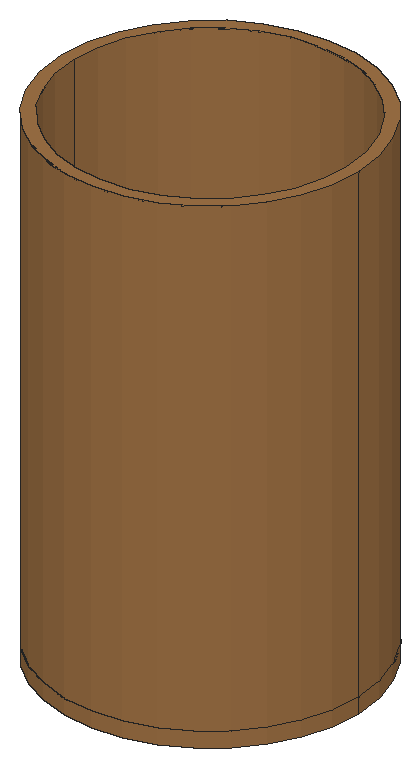
Revit family "PIT", category Generic Models, host Floor, Revit 2020
Family settings
  Host = Floor
  Can host rebar = No
  Round Connector Dimension = Use Diameter
  Part Type = Normal
  Always vertical = Yes
  Cut with Voids When Loaded = Yes
  Shared = No
  Room Calculation Point = No
Parameters
  extrusion end [instance] = -depth * 1000 mm  # -3000 mm
  depth [instance] = 3
  base [instance] = extrusion end - 100 mm  # -3100 mm
  Default Elevation = 0 mm
Reference planes
  plane 1 "Center (Front/Back)": y = 0
  plane 2: z = 0
  plane 3 "Center (Left/Right)": x = 0
Forms (mm)
  Blend 1, void
    base sketch origin (0, 0, 0) x (1, 0, 0) y (0, 1, 0)
      loop
        line (720, 415.692) -> (0, 831.384) -> (-720, 415.692) -> (-720, -415.692) -> (0, -831.384) -> (720, -415.692) -> (720, 415.692)
    top sketch origin (0, 0, 0) x (1, 0, 0) y (0, 1, 0)
      loop
        circle (0, 0) r 600
    from 0 to -3000 <- "extrusion end"
  Extrusion 2, solid
    sketch origin (0, 0, 0) x (1, 0, 0) y (0, 1, 0)
      loop
        circle (0, 0) r 900
      loop
        circle (0, 0) r 980
    from -3000 <- "extrusion end" to 100
  Extrusion 3, solid
    sketch origin (0, 0, 0) x (1, 0, 0) y (0, 1, 0)
      loop
        circle (0, 0) r 980
    from -3100 <- "base" to -3000 <- "extrusion end"
Dimensions and locks
  aligned and locked: level to plane 2
